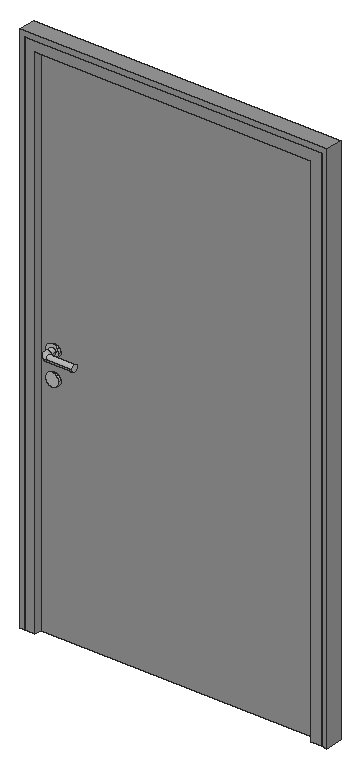
Revit family "BRU_Дверь_Однопольная_Стальная", category Двери, Revit 2021
Family settings
  Основа = Стена
  Номер OmniClass = 23.30.10.00
  Заголовок OmniClass = Doors
  Всегда вертикально = Да
  При загрузке вырезать с полостями = Нет
  Общий = Нет
  Точка принадлежности помещению = Нет
Parameters (values of type "ДСВ Оп Бпр Л Н 2100-1200 EI30 Д-7Л")
  Ширина проема = 1200 mm
  Четверть_Высота [instance] = 65 mm
  Четверть [instance] = no
  Четверть сверху [instance] = if(Четверть, Четверть_Высота, 0 mm)  # 0 mm
  Четверть сбоку [instance] = if(Четверть, Четверть_Ширина, 0 mm)  # 0 mm
  Четверть_Ширина [instance] = 65 mm
  Функция = Внутренние слои
  Угол плане 30 = yes
  Толщина пола [instance] = 0 mm
  Тип полотна двери = АС-Полотно : Глухое
  Ручка двери = ADSK_Металл_С порошковым покрытием темно-серый
  Рама двери_Ширина справа = 50 mm
  Рама двери_Ширина слева = 50 mm
  Рама двери_Ширина внизу = 50 mm
  Рама двери_Ширина вверху = 50 mm
  Рама двери = Сталь, нержавеющая, шлифованная
  Полотно_Ширина = Rough Width - Коробка_Ширина * 2  # 1100 mm
  Полотно_Высота = Rough Height - Коробка_Ширина  # 2050 mm
  Определить тепловые свойства по = Тип схем
  Огнестойкость = "EI 30"
  Высота проема = 2100 mm
  Аналитическая конструкция = "<Нет>"
  ADSK_Обозначение = "ГОСТ 31173-2016"
  Наличник двери = Сталь, нержавеющая, шлифованная
  ADSK_Наименование = "ДСВ Оп Бпр Л Н 2100-1200"
  Монтажный зазор_Верх = 20 mm
  Коробка_Ширина = 30 mm
  Коробка_Толщина = 70 mm
  Правая = no
  Полотно двери = Сталь, нержавеющая, шлифованная
  Остекление двери = Сталь, нержавеющая, шлифованная
  Наличник_Ширина [instance] = 60 mm
  Наличник_Толщина [instance] = 10 mm
  Наличник снаружи [instance] = no
  Наличник внутри [instance] = no
  Монтажный зазор_Справа и Слева = 20 mm
  Вставка_Четверть_Глубина [instance] = 0 mm
  Левая = not(Правая)  # yes
  Инструкция по семейству [instance] = ""
  Огибание наружных слоев [instance] = 0 mm
  Width [instance] = Ширина проема  # 1200 mm
  Thickness = 40 mm
  Rough Width = Ширина проема - Монтажный зазор_Справа и Слева * 2  # 1160 mm
  Rough Height = Высота проема - Монтажный зазор_Верх  # 2080 mm
  Группа модели = "Дверь глухая без порога"
  Manufacturer = ""
  Wall Closure = (empty or 0)
  Height [instance] = Высота проема  # 2100 mm
  Description = "Дверь стальная"
  Construction Type = "Дверь стальная"
  ADSK_Этаж [instance] = ""
  ADSK_Толщина стены [instance] = 600 mm
  ADSK_Примечание [instance] = ""
  ADSK_Предел огнестойкости = ""
  ADSK_Позиция [instance] = ""
  ADSK_Открывание = if(Правая, "Правая", "Левая")  # "Левая"
  ADSK_Откосы_Глубина [instance] = 530 mm
  ADSK_Наименование краткое = ""
  ADSK_Масса_Текст = ""
  ADSK_Количество [instance] = 0
  ADSK_Код изделия = ""
  ADSK_Зона [instance] = ""
  ADSK_Завод-изготовитель = ""
  ADSK_Единица измерения = ""
  ADSK_Группирование [instance] = ""
  ADSK_URL страницы изделия = ""
  ADSK_URL документации изделия = ""
Types (16, lengths in mm): name | Ширина проема | Полотно_Ширина | Огнестойкость | ADSK_Наименование | Правая | Левая | Width | Rough Width | Группа модели | ADSK_Открывание
  ДСВ Оп Бпр Л Н 2100-1200 EI30 Д-7Л | 1200 | 1100 | "EI 30" | "ДСВ Оп Бпр Л Н 2100-1200" | no | yes | 1200 | 1160 | "Дверь глухая без порога" | "Левая"
  ДСВ Оп Бпр Л Н 2100-1100 EI60 Д-8Л | 1100 | 1000 | "EI 60" | "ДСВ Оп Прг Л Н 2100-1100" | no | yes | 1100 | 1060 | "Дверь глухая без порога" | "Левая"
  ДСВ Оп Бпр Пр Н 2100-1000 EI30 Д-3П | 1000 | 900 | "EI 30" | "ДСВ Оп Бпр Пр Н 2100-1000" | yes | no | 1000 | 960 | "Дверь глухая без порога" | "Правая"
  ДСВ Оп Бпр Пр Н 2100-1200 EI30 Д-7П | 1200 | 1100 | "EI 30" | "ДСВ Оп Бпр Пр Н 2100-1200" | yes | no | 1200 | 1160 | "Дверь глухая без порога" | "Правая"
  ДСВ Оп Бпр Пр Н 2100-1100  EI60 Д-8П | 1100 | 1000 | "EI 60" | "ДСВ Оп Бпр Пр Н 2100-1100" | yes | no | 1100 | 1060 | "Дверь глухая без порога" | "Правая"
  ДСВ Оп Прг Л Н 2100-1100 Д-5Л* | 1100 | 1000 | 0 | "ДСВ Оп Прг Л Н 2100-1100" | no | yes | 1100 | 1060 | "Дверь глухая с порогом" | "Левая"
  ДСВ Оп Прг Л Н 2100-1200 EI30 Д-7Л* | 1200 | 1100 | "EI 30" | "ДСВ Оп Прг Л Н 2100-1200" | no | yes | 1200 | 1160 | "Дверь глухая с порогом" | "Левая"
  ДСВ Оп Прг Л Н 2100-1100 EI60 Д-8Л* | 1100 | 1000 | "EI 60" | "ДСВ Оп Прг Л Н 2100-1100" | no | yes | 1100 | 1060 | "Дверь глухая с порогом" | "Левая"
  ДСВ Оп Прг Пр Н 2100-1200 EI30 Д-7П* | 1200 | 1100 | "EI 30" | "ДСВ Оп Прг Пр Н 2100-1200" | yes | no | 1200 | 1160 | "Дверь глухая с порогом" | "Правая"
  ДСВ Оп Прг Л Н 2100-1000 EI60 Д-6Л* | 1000 | 900 | "EI 60" | "ДСВ Оп Прг Л Н 2100-1000" | no | yes | 1000 | 960 | "Дверь глухая с порогом" | "Левая"
  ДСВ Оп Прг Пр Н 2100-1100  EI60 Д-8П* | 1100 | 1000 | "EI 60" | "ДСВ Оп Прг Пр Н 2100-1100" | yes | no | 1100 | 1060 | "Дверь глухая с порогом" | "Правая"
  ДСВ Оп Бпр Л Н 2100-1000 EI30 Д-3Л | 1000 | 900 | "EI 30" | "ДСВ Оп Бпр Л Н 2100-1000" | no | yes | 1000 | 960 | "Дверь глухая без порога" | "Левая"
  ДСВ Оп Прг Пр Н 2100-1000 EI30 Д-3П* | 1000 | 900 | "EI 30" | "ДСВ Оп Прг Пр Н 2100-1000" | yes | no | 1000 | 960 | "Дверь глухая с порогом" | "Правая"
  ДСВ Оп Прг Пр Н 2100-900 Д-9П* | 900 | 800 | 0 | "ДСВ Оп Прг Пр Н 2100-900" | yes | no | 900 | 860 | "Дверь глухая с порогом" | "Правая"
  ДСВ Оп Прг Пр Н 2100-1000 Д-4П* | 1000 | 900 | 0 | "ДСВ Оп Прг Пр Н 2100-1000" | yes | no | 1000 | 960 | "Дверь глухая с порогом" | "Правая"
  ДСВ Оп Прг Л Н 2100-1000 Д-4Л* | 1000 | 900 | 0 | "ДСВ Оп Прг Л Н 2100-1000" | no | yes | 1000 | 960 | "Дверь глухая с порогом" | "Левая"
Reference planes
  plane 1: y = 0
  plane 2 "По центру (Влево/Вправо)": x = 0
  plane 3 "Слева": x = -600
  plane 4 "Справа": x = 600
  plane 5: z = 2100
  plane 6 "Наружный": y = 300
  plane 7 "Внутренние": y = -300
  plane 8 "Вставка двери": y = 300
  plane 9 "Четверть слева": x = -600
  plane 10 "Четверть справа": x = 600
  plane 11 "Четверть сверху": z = 2100
  plane 12 "Полотно двери": y = 260
  plane 13 "Рама внутри": y = 230
  plane 14 "Монтажный зазор слева": x = -580
  plane 15 "Монтажный зазор справа": x = 580
  plane 16 "Монтажный зазор сверху": z = 2080
  plane 17 "Глубина огибания наружного слоя": y = 300
  plane 18: y = 310
  plane 19: x = 590
  plane 20: y = -310
  plane 21: x = -590
  plane 22: x = -550
  plane 23: x = 550
  plane 24: z = 1025
  plane 25 "Верх полотна": z = 2050
  plane 26 "Уровень ч.п.": z = 0
  plane 27 "Уровень плиты": z = 0
Forms (mm)
  Extrusion 1, void
    sketch origin (0, 0, 0) x (1, 0, 0) y (0, 1, 0)
      loop
        line (600, 300) -> (-600, 300) -> (-600, -800) -> (600, -800) -> (600, 300)
    from 0 to 2100
  Extrusion 2, void
    sketch origin (0, 0, 0) x (1, 0, 0) y (0, 1, 0)
      loop
        line (600, 800) -> (-600, 800) -> (-600, 300) -> (600, 300) -> (600, 800)
    from 0 to 2100
  Sweep 3, solid, material "Сталь, нержавеющая, шлифованная" <- "Наличник двери", visible <- "Наличник снаружи", detail levels fine
    path origin (0, 300, 0) x (1, 0, 0) y (0, 0, 1)
      loop
        line (-600, 0) -> (-600, 2100) -> (600, 2100) -> (600, 0)
    profile origin (-600, 300, 1050) x (-1, 0, 0) y (0, -1, 0)
      loop
        line (-10, 0) -> (-10, -5)
        arc (-10, -5) -> (-8.536, -8.536) -> (-5, -10) r 5
        line (-5, -10) -> (45, -10)
        arc (45, -10) -> (48.536, -8.536) -> (50, -5) r 5
        line (50, -5) -> (50, 0) -> (-10, 0)
  Sweep 4, solid, material "Сталь, нержавеющая, шлифованная" <- "Наличник двери", visible <- "Наличник внутри", detail levels fine
    path origin (0, -300, 0) x (1, 0, 0) y (0, 0, 1)
      loop
        line (-600, 0) -> (-600, 2100) -> (600, 2100) -> (600, 0)
    profile origin (-600, -300, 1050) x (-1, 0, 0) y (0, -1, 0)
      loop
        line (-10, 0) -> (50, 0) -> (50, 5)
        arc (50, 5) -> (48.536, 8.536) -> (45, 10) r 5
        line (45, 10) -> (-5, 10)
        arc (-5, 10) -> (-8.536, 8.536) -> (-10, 5) r 5
        line (-10, 5) -> (-10, 0)
  Sweep 5, solid, material "Сталь, нержавеющая, шлифованная" <- "Рама двери", detail levels medium+fine
    path origin (0, 300, 0) x (-1, 0, 0) y (0, 0, 1)
      loop
        line (580, 0) -> (580, 2080) -> (-580, 2080) -> (-580, 0)
    profile origin (580, 300, 1040) x (0, 1, 0) y (-1, 0, 0)
      loop
        line (0, 0) -> (0, 30) -> (-40, 30) -> (-40, 40) -> (-70, 40) -> (-70, 0) -> (0, 0)
  Sweep 6, solid, material "Сталь, нержавеющая, шлифованная" <- "Наличник двери", visible <- "Наличник внутри", detail levels fine
    path origin (0, 230, 0) x (-1, 0, 0) y (0, 0, 1)
      loop
        line (600, 0) -> (600, 2100) -> (-600, 2100) -> (-600, 0)
    profile origin (-600, 230, 1050) x (1, 0, 0) y (0, 1, 0)
      loop
        line (0, -535) -> (10, -535) -> (10, 0) -> (0, 0) -> (0, -535)
  Sweep 7, solid, material "Сталь, нержавеющая, шлифованная" <- "Наличник двери", visible <- "Наличник снаружи", detail levels fine
    path origin (0, 300, 0) x (-1, 0, 0) y (0, 0, 1)
      loop
        line (600, 0) -> (600, 2100) -> (-600, 2100) -> (-600, 0)
    profile origin (600, 300, 1050) x (0, 1, 0) y (-1, 0, 0)
      loop
        line (5, 0) -> (5, 10) -> (0, 10) -> (0, 0) -> (5, 0)
  Extrusion 8, solid, material "Сталь, нержавеющая, шлифованная" <- "Рама двери", detail levels medium+fine
    sketch origin (-2514.822, 300, 1200) x (-1, 0, 0) y (0, 0, 1)
      loop
        line (-3114.822, 900) -> (-3114.822, -1200) -> (-3094.822, -1200) -> (-3094.822, 880) -> (-1934.822, 880) -> (-1934.822, -1200) -> (-1914.822, -1200) -> (-1914.822, 900) -> (-3114.822, 900)
    from 0 to -70
Cuts and joins
  joined: Sweep 4, Sweep 6
  joined: Sweep 3, Sweep 7
Lines and regions (mm)
  Masking region 1, detail levels fine
    outline origin (0, 0, 0) x (0, 1, 0) y (0, 0, 1)
      loop
        line (230, 2040) -> (260, 2040) -> (260, 2050) -> (300, 2050) -> (300, 2080) -> (230, 2080) -> (230, 2040)
  Masking region 2, detail levels fine
    outline origin (0, 0, 0) x (0, 1, 0) y (0, 0, 1)
      loop
        line (300, 2080) -> (300, 2100) -> (230, 2100) -> (230, 2080) -> (300, 2080)
  Masking region 3, detail levels fine
    outline origin (0, 0, 0) x (0, 1, 0) y (0, 0, 1)
      loop
        line (300, 0) -> (300, 2050) -> (260, 2050) -> (260, 0) -> (300, 0)
  Masking region 4, detail levels fine
    outline origin (0, 0, 0) x (0, 1, 0) y (0, 0, 1)
      loop
        line (230, 2040) -> (230, 0) -> (260, 0) -> (260, 2040) -> (230, 2040)
  Masking region 5, detail levels medium
    outline origin (0, 0, 0) x (0, 1, 0) y (0, 0, 1)
      loop
        line (300, 0) -> (300, 2100) -> (230, 2100) -> (230, 0) -> (300, 0)
  Masking region 6, detail levels medium+fine
    outline origin (0, 0, 0) x (0, 1, 0) y (0, 0, 1)
      loop
        line (230, 0) -> (230, 2100) -> (-300, 2100) -> (-300, 0) -> (230, 0)
  symbolic lines, style "Открывание", visible <- "Правая", detail levels medium+fine
    curve 1: line (-550, 300, 0) -> (550, 300, 1025)
    curve 2: line (550, 300, 1025) -> (-550, 300, 2050)
  symbolic lines, style "Открывание", visible <- "Левая", detail levels medium+fine
    curve 3: line (550, 300, 0) -> (-550, 300, 1025)
    curve 4: line (-550, 300, 1025) -> (550, 300, 2050)
Text (mm)
  text "Наружный" at (-2295.016, 1099.543, 0), in view "Опорный уровень "
  text "Наружный" at (0, 1615.38, 3698.081), in view "Слева"
  text "Наружный" at (0, 1036.032, 3874.932), in view "Справа"
Dimensions and locks
  equal spacing: plane 14 "Монтажный зазор слева", plane 2 "По центру (Влево/Вправо)", plane 15 "Монтажный зазор справа"
  "Width": plane 3 "Слева" to plane 4 "Справа"
  "Rough Height": plane 26 "Уровень ч.п." to plane 16 "Монтажный зазор сверху"
  "Высота проема": plane 26 "Уровень ч.п." to plane 5
  locked: plane 6 "Наружный" to host wall
  locked: plane 7 "Внутренние" to host wall
  locked: Extrusion 1 sketch curve to plane 7 "Внутренние" at 500
  "Четверть сбоку": plane 3 "Слева" to plane 9 "Четверть слева"
  "Четверть сбоку": plane 10 "Четверть справа" to plane 4 "Справа"
  "Четверть сверху": plane 11 "Четверть сверху" to plane 5
  locked: plane 6 "Наружный" to Extrusion 2 sketch curve at 500
  "Вставка_Четверть_Глубина": plane 6 "Наружный" to plane 8 "Вставка двери"
  "Наличник_Ширина": Sweep 3 sketch curve to plane 21
  "Коробка_Толщина": plane 8 "Вставка двери" to plane 13 "Рама внутри"
  "Thickness": plane 8 "Вставка двери" to plane 12 "Полотно двери"
  "Огибание наружных слоев": plane 6 "Наружный" to plane 17 "Глубина огибания наружного слоя"
  "Наличник_Ширина": Sweep 4 sketch curve to Sweep 4 sketch curve
  locked: Sweep 4 sketch curve to Sweep 4 sketch curve at 5  (x4)
  locked: Sweep 3 sketch curve to Sweep 3 sketch curve at 5
  "Коробка_Ширина": Sweep 5 sketch curve to profile plane
  locked: Sweep 5 sketch curve to Sweep 5 sketch curve at 10
  locked: Sweep 6 sketch curve to plane 20 at 5
  "Наличник_Толщина": plane 7 "Внутренние" to plane 20
  "Наличник_Толщина": plane 18 to plane 6 "Наружный"
  "Наличник_Толщина": plane 9 "Четверть слева" to plane 21
  "Наличник_Толщина": plane 19 to plane 10 "Четверть справа"
  locked: plane 18 to Sweep 3 sketch curve at 5  (x2)
  locked: Sweep 3 sketch curve to plane 21 at 5
  locked: plane 18 to Sweep 7 sketch curve at 5
  "ADSK_Откосы_Глубина": plane 7 "Внутренние" to plane 13 "Рама внутри"
  equal spacing: plane 3 "Слева", plane 2 "По центру (Влево/Вправо)", plane 4 "Справа"
  "Rough Width": plane 14 "Монтажный зазор слева" to plane 15 "Монтажный зазор справа"
  "Коробка_Ширина": plane 14 "Монтажный зазор слева" to plane 22
  "Коробка_Ширина": plane 23 to plane 15 "Монтажный зазор справа"
  equal spacing: level, plane 24, plane 25 "Верх полотна"
  "Коробка_Ширина": plane 25 "Верх полотна" to plane 16 "Монтажный зазор сверху"
  "ADSK_Толщина стены": host wall to host wall
  plane 11 "Четверть сверху" to level = 2100 mm
  plane 3 "Слева" to plane 4 "Справа" = 1200 mm  (x2)
  "Толщина пола": plane 27 "Уровень плиты" to plane 26 "Уровень ч.п."
  aligned and locked: plane 1 to host wall
  aligned and locked: plane 8 "Вставка двери" to Extrusion 1 sketch curve
  aligned and locked: plane 3 "Слева" to Extrusion 1 sketch curve
  aligned and locked: Extrusion 1 sketch curve to plane 4 "Справа"
  aligned and locked: Extrusion 1 to plane 5
  aligned and locked: Extrusion 2 sketch curve to plane 8 "Вставка двери"
  aligned and locked: plane 10 "Четверть справа" to Extrusion 2 sketch curve
  aligned and locked: Extrusion 2 sketch curve to plane 9 "Четверть слева"
  aligned and locked: plane 11 "Четверть сверху" to Extrusion 2
  aligned and locked: plane 9 "Четверть слева" to Sweep 3 sketch curve
  aligned and locked: plane 11 "Четверть сверху" to Sweep 3 sketch curve
  aligned and locked: plane 10 "Четверть справа" to Sweep 3 sketch curve
  aligned and locked: Sweep 4 sketch curve to plane 3 "Слева"
  aligned and locked: Sweep 4 sketch curve to plane 5
  aligned and locked: Sweep 4 sketch curve to plane 4 "Справа"
  aligned and locked: level to Sweep 4 sketch curve  (x2)
  aligned and locked: Sweep 4 sketch curve to plane 7 "Внутренние"
  aligned and locked: Sweep 5 sketch curve to plane 15 "Монтажный зазор справа"
  aligned and locked: Sweep 5 sketch curve to plane 16 "Монтажный зазор сверху"
  aligned and locked: Sweep 5 sketch curve to plane 14 "Монтажный зазор слева"
  aligned and locked: level to Sweep 5 sketch curve  (x2)
  aligned and locked: profile plane to Sweep 5 sketch curve
  aligned and locked: plane 13 "Рама внутри" to Sweep 5 sketch curve
  aligned and locked: plane 8 "Вставка двери" to Sweep 5 sketch curve
  aligned and locked: plane 12 "Полотно двери" to Sweep 5 sketch curve
  aligned and locked: plane 3 "Слева" to Sweep 6 sketch curve
  aligned and locked: plane 5 to Sweep 6 sketch curve
  aligned and locked: plane 4 "Справа" to Sweep 6 sketch curve
  aligned and locked: level to Sweep 6 sketch curve  (x2)
  aligned and locked: Sweep 6 sketch curve to plane 3 "Слева"
  aligned and locked: Sweep 6 sketch curve to plane 13 "Рама внутри"
  aligned and locked: profile plane to Sweep 3 sketch curve
  aligned and locked: level to Sweep 7 sketch curve  (x2)
  aligned and locked: Sweep 7 sketch curve to plane 11 "Четверть сверху"
  aligned and locked: plane 10 "Четверть справа" to Sweep 7 sketch curve  (x2)
  aligned and locked: plane 9 "Четверть слева" to Sweep 7 sketch curve
  aligned and locked: plane 8 "Вставка двери" to Sweep 7 sketch curve
  aligned and locked: plane 20 to Sweep 4 sketch curve
  aligned and locked: plane 18 to Sweep 3 sketch curve
  aligned and locked: Sweep 7 sketch curve to plane 19
  aligned and locked: Masking region 1 sketch curve to Sweep 5  (x2)
  aligned and locked: plane 12 "Полотно двери" to Masking region 1 sketch curve
  aligned and locked: plane 13 "Рама внутри" to Masking region 1 sketch curve
  aligned and locked: plane 8 "Вставка двери" to Masking region 1 sketch curve
  aligned and locked: plane 16 "Монтажный зазор сверху" to Masking region 1 sketch curve
  aligned and locked: plane 8 "Вставка двери" to Masking region 2 sketch curve
  aligned and locked: plane 13 "Рама внутри" to Masking region 2 sketch curve
  aligned and locked: plane 16 "Монтажный зазор сверху" to Masking region 2 sketch curve
  aligned and locked: plane 5 to Masking region 2 sketch curve
  aligned and locked: plane 8 "Вставка двери" to Masking region 3 sketch curve
  aligned and locked: plane 12 "Полотно двери" to Masking region 3 sketch curve
  aligned and locked: level to Masking region 3 sketch curve
  aligned and locked: Masking region 3 sketch curve to Sweep 5
  aligned and locked: Masking region 4 sketch curve to Sweep 5
  aligned and locked: plane 13 "Рама внутри" to Masking region 4 sketch curve
  aligned and locked: plane 12 "Полотно двери" to Masking region 4 sketch curve
  aligned and locked: level to Masking region 4 sketch curve
  aligned and locked: plane 8 "Вставка двери" to Masking region 5 sketch curve
  aligned and locked: plane 13 "Рама внутри" to Masking region 5 sketch curve
  aligned and locked: plane 5 to Masking region 5 sketch curve
  aligned and locked: level to Masking region 5 sketch curve
  aligned and locked: Extrusion 8 sketch curve to plane 4 "Справа"
  aligned and locked: Extrusion 8 sketch curve to plane 3 "Слева"
  aligned and locked: Extrusion 8 sketch curve to plane 5
  aligned and locked: Extrusion 8 sketch curve to plane 16 "Монтажный зазор сверху"
  aligned and locked: Extrusion 8 sketch curve to plane 14 "Монтажный зазор слева"
  aligned and locked: Extrusion 8 sketch curve to plane 15 "Монтажный зазор справа"
  aligned and locked: Extrusion 8 sketch curve to level
  aligned and locked: Extrusion 8 to plane 13 "Рама внутри"
  aligned and locked: plane 8 "Вставка двери" to Extrusion 8
  aligned and locked: nested 1 to plane 8 "Вставка двери"
  aligned and locked: nested 1 to plane 3 "Слева"
  aligned and locked: nested 2 to plane 3 "Слева"
  aligned and locked: plane 8 "Вставка двери" to nested 2
  aligned and locked: nested 3 to plane 8 "Вставка двери"
  aligned and locked: nested 3 to plane 22
  aligned and locked: nested 3 to plane 23
  aligned and locked: nested 4 to plane 8 "Вставка двери"
  aligned and locked: nested 4 to plane 22
  aligned and locked: plane 8 "Вставка двери" to nested 5
  aligned and locked: nested 5 to plane 23
  aligned and locked: curve 3 to Sweep 5
  aligned and locked: Sweep 5 to curve 1
  aligned and locked: plane 25 "Верх полотна" to curve 2
  aligned and locked: plane 25 "Верх полотна" to curve 4
  aligned and locked: plane 24 to curve 2
  aligned and locked: plane 24 to curve 4
  aligned and locked: level to curve 1
  aligned and locked: level to curve 3
  aligned and locked: plane 22 to curve 2
  aligned and locked: plane 23 to curve 4
  aligned and locked: plane 23 to curve 2
  aligned and locked: plane 22 to curve 4
  aligned and locked: level to plane 26 "Уровень ч.п."
  aligned and locked: Extrusion 2 to plane 27 "Уровень плиты"
  aligned and locked: Extrusion 1 to plane 27 "Уровень плиты"
  aligned and locked: nested 3 to plane 26 "Уровень ч.п."
  aligned and locked: plane 13 "Рама внутри" to Masking region 6 sketch curve
  aligned and locked: Masking region 6 sketch curve to plane 7 "Внутренние"
  aligned and locked: plane 26 "Уровень ч.п." to Masking region 6 sketch curve
  aligned and locked: plane 11 "Четверть сверху" to Masking region 6 sketch curve
  aligned and locked: Sweep 6 sketch curve to plane 21
  aligned and locked: Sweep 4 sketch curve to plane 21
Automatic sketch dimensions
  Sweep 3 sketch curve to level = 0 mm  (x2)
  Extrusion 8 sketch curve to level = 0 mm
Nested families
  nested 1: "АС-Однопольная-Обозначение на плане" at (0, 300, 0), Height <- "Height", Rough Width <- "Rough Width", Thickness <- "Thickness", visible <- "Левая", Width <- "Width", type "АС-Стандарт"
    with Width 1200 mm, Thickness 40 mm, Rough Width 1160 mm, Height 2100 mm, Ширина проема 1200 mm, Полотно_Ширина 1100 mm, Коробка_Ширина_Полная 40 mm, Коробка_Толщина 70 mm
  nested 2: "АС-Однопольная-Обозначение на плане" at (0, 300, 0) x (-1, 0, 0) z (0, 0, 1), Height <- "Height", Thickness <- "Thickness", visible <- "Правая", Width <- "Width", Rough Width <- "Rough Width", type "АС-Стандарт"
    with Width 1200 mm, Thickness 40 mm, Rough Width 1160 mm, Height 2100 mm, Ширина проема 1200 mm, Полотно_Ширина 1100 mm, Коробка_Ширина_Полная 40 mm, Коробка_Толщина 70 mm
  nested 3: "АС-Полотно" at (0, 300, 0), Рама.Ширина справа <- "Рама двери_Ширина справа", Рама.Ширина слева <- "Рама двери_Ширина слева", Рама.Ширина внизу <- "Рама двери_Ширина внизу", Рама.Ширина вверху <- "Рама двери_Ширина вверху", Полотно двери.Толщина <- "Thickness", Полотно двери.Высота <- "Полотно_Высота", Полотно двери.Ширина <- "Полотно_Ширина", type <- "Тип полотна двери", Фурнитура <- "Ручка двери", Полотно двери <- "Полотно двери", Остекление двери <- "Остекление двери", type "Глухое"
    with Фурнитура ADSK_Металл_С порошковым покрытием темно-серый, Рама.Ширина справа 50 mm, Рама.Ширина слева 50 mm, Рама.Ширина внизу 50 mm, Рама.Ширина вверху 50 mm, Полотно двери.Ширина 1100 mm, Полотно двери.Толщина 40 mm, Полотно двери.Высота 2050 mm, Полотно двери Сталь, нержавеющая, шлифованная, Остекление двери Сталь, нержавеющая, шлифованная
  nested 4: "АС-Ручка двери" at (-550, 300, 0), Полотно двери.Толщина <- "Thickness", visible <- "Левая", Ручка двери <- "Ручка двери", type "АС-Стандарт"
    with Ручка двери ADSK_Металл_С порошковым покрытием темно-серый, Полотно двери.Толщина 40 mm, Отступ ручки от края 60 mm
  nested 5: "АС-Ручка двери" at (550, 300, 0) x (-1, 0, 0) z (0, 0, 1), Полотно двери.Толщина <- "Thickness", visible <- "Правая", Ручка двери <- "Ручка двери", type "АС-Стандарт"
    with Ручка двери ADSK_Металл_С порошковым покрытием темно-серый, Полотно двери.Толщина 40 mm, Отступ ручки от края 60 mm
Definition of nested family "АС-Полотно"
  Parameters
    Фурнитура [instance] = none
    Рама.Ширина справа [instance] = 50 mm
    Рама.Ширина слева [instance] = 50 mm
    Рама.Ширина внизу [instance] = 50 mm
    Рама.Ширина вверху [instance] = 50 mm
    Остекленное = not(Глухое)  # no
    Полотно двери.Ширина [instance] = 1000 mm
    Полотно двери.Толщина [instance] = 40 mm
    Полотно двери.Высота [instance] = 2100 mm
    Полотно двери [instance] = none
    Глухое = yes
    Остекление двери [instance] = none
    Default Elevation = 0 mm
  Reference planes
    plane 1 "Center (Front/Back)": y = 0
    plane 2: z = 0
    plane 3 "Center (Left/Right)": x = 0
    plane 4: x = -500
    plane 5: x = 500
    plane 6 "Back": y = -40
    plane 7: z = 2100
    plane 8 "Остекление снаружи": y = -8
    plane 9 "Остекление внутри": y = -32
    plane 10 "Ширина рамы справа": x = -450
    plane 11 "Ширина рамы слева": x = 450
    plane 12 "Ширина рамы внизу": z = 50
    plane 13 "Ширина рамы вверху": z = 2050
  Forms (mm)
    Extrusion 1, solid, material <- "Полотно двери", visible <- "Глухое", detail levels medium+fine
      sketch origin (0, 0, 0) x (1, 0, 0) y (0, 0, 1)
        loop
          line (-500, 2100) -> (-500, 0) -> (500, 0) -> (500, 2100) -> (-500, 2100)
      from 0 to 40 <- "Полотно двери.Толщина"
    Extrusion 2, solid, material <- "Полотно двери", visible <- "Остекленное", detail levels medium+fine
      sketch origin (0, 0, 0) x (1, 0, 0) y (0, 0, 1)
        loop
          line (-500, 2100) -> (-500, 0) -> (500, 0) -> (500, 2100) -> (-500, 2100)
        loop
          line (-450, 50) -> (450, 50) -> (450, 2050) -> (-450, 2050) -> (-450, 50)
      from 0 to 40
    Extrusion 3, solid, material <- "Остекление двери", visible <- "Остекленное", detail levels medium+fine
      sketch origin (-646.608, -8, 1200) x (-1, 0, 0) y (0, 0, 1)
        loop
          line (-196.608, 850) -> (-1096.608, 850) -> (-1096.608, -1150) -> (-196.608, -1150) -> (-196.608, 850)
      from 0 to -24
  Dimensions and locks
    "Полотно двери.Толщина": plane 1 "Center (Front/Back)" to plane 6 "Back"
    equal spacing: plane 4, plane 3 "Center (Left/Right)", plane 5
    "Полотно двери.Ширина": plane 4 to plane 5
    "Полотно двери.Высота": plane 7 to plane 2
    locked: plane 9 "Остекление внутри" to plane 6 "Back" at 8
    locked: plane 1 "Center (Front/Back)" to plane 8 "Остекление снаружи" at 8
    "Рама.Ширина вверху": plane 7 to plane 13 "Ширина рамы вверху"
    "Рама.Ширина внизу": plane 12 "Ширина рамы внизу" to plane 2
    "Рама.Ширина справа": plane 5 to plane 11 "Ширина рамы слева"
    "Рама.Ширина слева": plane 10 "Ширина рамы справа" to plane 4
    plane 7 to plane 2 = 2100 mm
    aligned and locked: level to plane 2
    aligned and locked: Extrusion 1 sketch curve to plane 7
    aligned and locked: plane 4 to Extrusion 1 sketch curve
    aligned and locked: plane 2 to Extrusion 1 sketch curve
    aligned and locked: Extrusion 1 sketch curve to plane 5
    aligned and locked: Extrusion 1 to plane 1 "Center (Front/Back)"
    aligned and locked: Extrusion 1 to plane 6 "Back"
    aligned and locked: Extrusion 2 sketch curve to plane 4
    aligned and locked: Extrusion 2 sketch curve to plane 5
    aligned and locked: Extrusion 2 sketch curve to plane 7
    aligned and locked: Extrusion 2 sketch curve to plane 2
    aligned and locked: Extrusion 2 sketch curve to plane 12 "Ширина рамы внизу"
    aligned and locked: Extrusion 2 sketch curve to plane 10 "Ширина рамы справа"
    aligned and locked: Extrusion 2 sketch curve to plane 11 "Ширина рамы слева"
    aligned and locked: Extrusion 2 sketch curve to plane 13 "Ширина рамы вверху"
    aligned and locked: Extrusion 2 to plane 1 "Center (Front/Back)"
    aligned and locked: Extrusion 2 to plane 6 "Back"
    aligned and locked: plane 10 "Ширина рамы справа" to Extrusion 3 sketch curve
    aligned and locked: plane 11 "Ширина рамы слева" to Extrusion 3 sketch curve
    aligned and locked: plane 13 "Ширина рамы вверху" to Extrusion 3 sketch curve
    aligned and locked: plane 12 "Ширина рамы внизу" to Extrusion 3 sketch curve
    aligned and locked: Extrusion 3 to plane 8 "Остекление снаружи"
    aligned and locked: Extrusion 3 to plane 9 "Остекление внутри"
    aligned and locked: plane 7 to Extrusion 2
    aligned and locked: plane 4 to Extrusion 2
Definition of nested family "АС-Ручка двери"
  Parameters
    Ручка двери [instance] = none
    Полотно двери.Толщина [instance] = 40 mm
    Отступ ручки от края = 100 mm
    Высота расположения ручки = 1000 mm
    Default Elevation = 0 mm
  Reference planes
    plane 1 "Наружная сторона полотна": y = 0
    plane 2: z = 0
    plane 3 "Край полотна": x = 0
    plane 4 "Вертикаль расположения": x = 100
    plane 5 "Горизонталь расположения": z = 1000
    plane 6 "Внутренняя сторона полотна": y = -40
  Forms (mm)
    Sweep 1, solid, material <- "Ручка двери", detail levels fine
      path origin (0, 0, 1000) x (1, 0, 0) y (0, 1, 0)
        loop
          line (220, 50) -> (120, 50)
          arc (120, 50) -> (105.858, 44.142) -> (100, 30) r 20
          line (100, 30) -> (100, -70)
          arc (100, -70) -> (105.858, -84.142) -> (120, -90) r 20
          line (120, -90) -> (220, -90)
      profile origin (100, -20, 1000) x (1, 0, 0) y (0, 0, 1)
        loop
          circle (0, 0) r 12
    Extrusion 2, solid, material <- "Ручка двери", detail levels fine
      sketch origin (155, 0, 0) x (1, 0, 0) y (0, 0, 1)
        loop
          circle (-55, 1000) r 25
      from 48 to -8
    Extrusion 3, solid, material <- "Ручка двери", detail levels fine
      sketch origin (0, 0, 0) x (1, 0, 0) y (0, 0, 1)
        loop
          circle (100, 900) r 25
      from 48 to -8
  Cuts and joins
    joined: Sweep 1, Extrusion 2
  Dimensions and locks
    "Отступ ручки от края": plane 3 "Край полотна" to plane 4 "Вертикаль расположения"
    "Высота расположения ручки": plane 5 "Горизонталь расположения" to level
    "Полотно двери.Толщина": plane 1 "Наружная сторона полотна" to plane 6 "Внутренняя сторона полотна"
    locked: plane 1 "Наружная сторона полотна" to Extrusion 3 at 8
    locked: plane 1 "Наружная сторона полотна" to Extrusion 2 at 8
    locked: plane 6 "Внутренняя сторона полотна" to Extrusion 3 at 8
    locked: plane 6 "Внутренняя сторона полотна" to Extrusion 2 at 8
    locked: plane 4 "Вертикаль расположения" to Extrusion 2 sketch curve at 0
    locked: plane 5 "Горизонталь расположения" to Extrusion 2 sketch curve at 0
    locked: Extrusion 3 sketch curve to plane 5 "Горизонталь расположения" at 100
    locked: Extrusion 3 sketch curve to plane 4 "Вертикаль расположения"
    locked: plane 1 "Наружная сторона полотна" to Sweep 1 sketch curve at 50
    locked: plane 6 "Внутренняя сторона полотна" to Sweep 1 sketch curve at 50
    locked: plane 4 "Вертикаль расположения" to Sweep 1 sketch curve at 120  (x2)
    locked: Sweep 1 sketch curve to plane 5 "Горизонталь расположения"
    locked: plane 4 "Вертикаль расположения" to Sweep 1 sketch curve at 0
    aligned and locked: Sweep 1 sketch curve to plane 4 "Вертикаль расположения"
  Automatic sketch dimensions
    plane 4 "Вертикаль расположения" to Sweep 1 sketch curve = 20 mm  (x2)
    radius of Sweep 1 sketch curve = 12 mm
    radius of Extrusion 2 sketch curve = 25 mm
    radius of Extrusion 3 sketch curve = 25 mm
Definition of nested family "АС-Однопольная-Обозначение на плане"
  Parameters (values of type "АС-Стандарт")
    Ширина проема = 800 mm
    Полотно_Ширина = Ширина проема - Коробка_Ширина * 2 - Монтажный_Зазор * 2  # 700 mm
    Открывание двери 90 = not(Открывание двери 30)  # no
    Открывание двери 30 = yes
    Монтажный_Зазор = 20 mm
    Линия открывания (дуга) = not(Открывание двери 30)  # no
    Коробка_Ширина_Полная = 56 mm
    Коробка_Ширина = 30 mm
    Коробка_Толщина = 80 mm
    Width [instance] = Ширина проема  # 800 mm
    Thickness [instance] = 40 mm
    Rough Width [instance] = 960 mm
    Height [instance] = 2100 mm
    Default Elevation = 0 mm
    Analytic Construction = "<Нет>"
  Reference planes
    plane 1 "Center (Front/Back)": y = 0
    plane 2: z = 0
    plane 3 "Center (Left/Right)": x = 0
    plane 4 "Полотно.Слева": x = -380
    plane 5 "Полотно справа": x = 380
    plane 6 "Проем.Слева": x = -400
    plane 7 "Проем.Справа": x = 400
    plane 8 "Полотно. Внутренняя сторона": y = -40
    plane 9 "Коробка. Внутренняя сторона": y = -80
    plane 10 "Коробка.Внутренняя сторона слева": x = -350
    plane 11 "Коробка. Внутренняя сторона справа": x = 350
  Lines and regions (mm)
    Masking region 1, detail levels fine
      outline origin (0, 0, 0) x (1, 0, 0) y (0, 1, 0)
        loop
          line (-400, -80) -> (-380, -80) -> (-380, 0) -> (-400, 0) -> (-400, -80)
    Masking region 2, detail levels fine
      outline origin (0, 0, 0) x (1, 0, 0) y (0, 1, 0)
        loop
          line (400, -80) -> (400, 0) -> (380, 0) -> (380, -80) -> (400, -80)
    Masking region 3, detail levels fine
      outline origin (0, 0, 0) x (1, 0, 0) y (0, 1, 0)
        loop
          line (-380, 0) -> (-380, -80) -> (-324, -80) -> (-324, -40) -> (-350, -40) -> (-350, 0) -> (-380, 0)
    Masking region 4, detail levels fine
      outline origin (0, 0, 0) x (1, 0, 0) y (0, 1, 0)
        loop
          line (380, 0) -> (350, 0) -> (350, -40) -> (324, -40) -> (324, -80) -> (380, -80) -> (380, 0)
    Masking region 5, visible <- "Открывание двери 90", detail levels fine
      outline origin (0, 0, 0) x (1, 0, 0) y (0, 1, 0)
        loop
          line (350, 0) -> (350, 700) -> (310, 700) -> (310, 0) -> (350, 0)
    Masking region 6, visible <- "Открывание двери 30", detail levels fine
      outline origin (0, 0, 0) x (1, 0, 0) y (0, 1, 0)
        loop
          line (350, 0) -> (-256.218, 350) -> (-276.218, 315.359) -> (330, -34.641) -> (350, 0)
    symbolic lines, visible <- "Открывание двери 30", detail levels medium
      curve 1: line (400, 0, 0) -> (-292.82, 400, 0)
    symbolic lines, visible <- "Открывание двери 90", detail levels medium
      curve 2: line (400, 0, 0) -> (400, 800, 0)
    symbolic lines, visible <- "Линия открывания (дуга)", detail levels medium
      curve 3: arc (400, 800, 0) -> (-165.685, 565.685, 0) -> (-400, 0, 0) r 800
    symbolic lines, visible <- "Линия открывания (дуга)", detail levels fine
      curve 4: arc (-350, 0, 0) -> (-144.975, 494.975, 0) -> (350, 700, 0) r 700
    model lines
      curve 5: line (0, 0, 0) -> (0, 0, 2100)
    symbolic lines, visible <- "Открывание двери 30", detail levels fine
      curve 6: arc (-350, 0, 0) -> (-332.544, 162.406, 0) -> (-277.926, 316.345, 0) r 700.008
  Dimensions and locks
    "Thickness": plane 1 "Center (Front/Back)" to plane 8 "Полотно. Внутренняя сторона"
    equal spacing: plane 6 "Проем.Слева", plane 3 "Center (Left/Right)", plane 7 "Проем.Справа"
    "Width": plane 6 "Проем.Слева" to plane 7 "Проем.Справа"
    plane 1 "Center (Front/Back)" to plane 9 "Коробка. Внутренняя сторона" = 80 mm
    "Коробка_Толщина": plane 9 "Коробка. Внутренняя сторона" to plane 1 "Center (Front/Back)"
    "Ширина проема": curve 1 to curve 1
    "Ширина проема": plane 1 "Center (Front/Back)" to curve 2
    "Коробка_Ширина_Полная": Masking region 3 sketch curve to Masking region 3 sketch curve
    "Полотно_Ширина": plane 1 "Center (Front/Back)" to Masking region 5 sketch curve
    "Thickness": Masking region 5 sketch curve to plane 11 "Коробка. Внутренняя сторона справа"
    "Полотно_Ширина": Masking region 6 sketch curve to Masking region 6 sketch curve
    "Thickness": Masking region 6 sketch curve to Masking region 6 sketch curve
    "Height": curve 5 to level
    "Коробка_Ширина_Полная": Masking region 4 sketch curve to Masking region 4 sketch curve
    "Монтажный_Зазор": plane 6 "Проем.Слева" to plane 4 "Полотно.Слева"
    "Монтажный_Зазор": plane 5 "Полотно справа" to plane 7 "Проем.Справа"
    "Коробка_Ширина": plane 4 "Полотно.Слева" to plane 10 "Коробка.Внутренняя сторона слева"
    "Коробка_Ширина": plane 11 "Коробка. Внутренняя сторона справа" to plane 5 "Полотно справа"
    "Ширина проема": radius of curve 3
    "Полотно_Ширина": radius of curve 4
    angle curve 1 to plane 1 "Center (Front/Back)" = 30.00°
    locked: Masking region 6 sketch curve to plane 1 "Center (Front/Back)" (angle 30.00°)
    aligned and locked: level to plane 2
    aligned and locked: Masking region 1 sketch curve to plane 9 "Коробка. Внутренняя сторона"
    aligned and locked: plane 6 "Проем.Слева" to Masking region 1 sketch curve
    aligned and locked: Masking region 1 sketch curve to plane 1 "Center (Front/Back)"
    aligned and locked: plane 4 "Полотно.Слева" to Masking region 1 sketch curve
    aligned and locked: plane 9 "Коробка. Внутренняя сторона" to Masking region 2 sketch curve
    aligned and locked: Masking region 2 sketch curve to plane 7 "Проем.Справа"
    aligned and locked: plane 1 "Center (Front/Back)" to Masking region 2 sketch curve
    aligned and locked: plane 5 "Полотно справа" to Masking region 2 sketch curve
    aligned and locked: Masking region 3 sketch curve to plane 4 "Полотно.Слева"
    aligned and locked: Masking region 3 sketch curve to plane 10 "Коробка.Внутренняя сторона слева"
    aligned and locked: Masking region 3 sketch curve to plane 1 "Center (Front/Back)"
    aligned and locked: Masking region 3 sketch curve to plane 9 "Коробка. Внутренняя сторона"
    aligned and locked: Masking region 3 sketch curve to plane 8 "Полотно. Внутренняя сторона"
    aligned and locked: Masking region 4 sketch curve to plane 5 "Полотно справа"
    aligned and locked: Masking region 4 sketch curve to plane 11 "Коробка. Внутренняя сторона справа"
    aligned and locked: Masking region 4 sketch curve to plane 9 "Коробка. Внутренняя сторона"
    aligned and locked: Masking region 4 sketch curve to plane 8 "Полотно. Внутренняя сторона"
    aligned and locked: Masking region 4 sketch curve to plane 1 "Center (Front/Back)"
    aligned and locked: Masking region 4 to Masking region 5 sketch curve
    aligned and locked: Masking region 5 sketch curve to Masking region 4
    aligned and locked: plane 11 "Коробка. Внутренняя сторона справа" to Masking region 6 sketch curve
    aligned and locked: plane 2 to curve 5
    aligned and locked: plane 3 "Center (Left/Right)" to curve 5
    aligned and locked: curve 6 to Masking region 6
  Automatic sketch dimensions
    curve 3 to plane 6 "Проем.Слева" = 0 mm
    plane 1 "Center (Front/Back)" to curve 6 = 0 mm
    curve 6 to plane 10 "Коробка.Внутренняя сторона слева" = 0 mm
    curve 6 to plane 11 "Коробка. Внутренняя сторона справа" = 0.026 mm
    curve 6 to plane 1 "Center (Front/Back)" = 6.905 mm
    plane 1 "Center (Front/Back)" to Masking region 6 sketch curve = 0 mm
